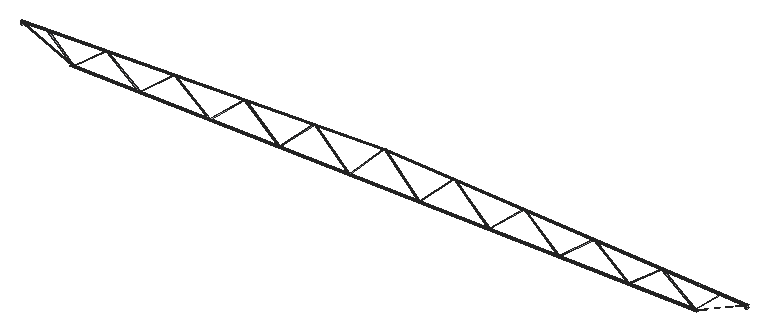
Revit family "M_Caibro de barra com duplo declive série SLH-9 Painéis", category Quadro estrutural, Revit 2019
Family settings
  Arredondamento do comprimento do framing estrutural = 1 mm
  Forma do corte = Não definido
  Material para o comportamento do modelo = Aço
  Exportar sempre como geometria = Sim
  Número OmniClass = 23.25.30.21.14.11
  Título OmniClass = Metal Joists
  ID de item do Seek = SLH-Series Double Pitch Bar Joist-9 Panel-0000-CAN-ENU
  Sempre na vertical = Sim
  Corte com vazios quando carregada = Não
  Representação simbólica = Da família
  Compartilhado = Não
  Exibir o pré-corte da família na vista da planta = Sim
Parameters (values of type "104SLH18")
  Painel variável [instance] = (Length - (Painel final * 2) - ComprimentoPainelInt) / 2  # 4993 mm
  Material estrutural = none
  Deslocamento inicial [instance] = 0 mm
  Extensão inicial [instance] = 0 mm
  Ângulo intenso = 2.00°
  LarguraPainelInt [instance] = 2 * Linear  # 5284 mm
  Deslocamento1 = Perna da corda * sin(Ângulo intenso)  # 2.216 mm
  Deslocamento [instance] = (0.5 * Length - (Deslocamento inicial - Extensão inicial)) * tan(Ângulo intenso)  # 958.575 mm
  NumPainel = 9
  M = 88
  Espessura da teia = 25 mm
  Comprimento do assento = 150 mm
  Profundidade do assento = 190 mm
  NumPainelInt [instance] = NumPainel - 2  # 7
  ComprimentoPainelInt [instance] = LarguraPainelInt * NumPainelInt  # 36988 mm
  Altura 2 [instance] = (Painel variável / 2 + LarguraPainelInt / 2) * tan(Ângulo intenso)  # 179.44 mm
  Altura 1 [instance] = LarguraPainelInt * tan(Ângulo intenso)  # 184.521 mm
  Painel final = 1.5 * Linear  # 3963 mm
  Deslocamento final [instance] = 0 mm
  Extensão final [instance] = 0 mm
  Perna da corda = 63.5 mm
  Espessura da corda = 12.5 mm
  Deslocamento da mescla [instance] = (Extensão inicial + Comprimento do assento) * tan(Ângulo intenso)  # 5.238 mm
  Assembly Code = ""
  Length [instance] = 54900 mm
  Linear = 2642 mm
Reference planes
  plane 1 "Centro (Frente/Trás)": y = 0
  plane 2: z = 0
  plane 3 "Centro (Esquerda/Direita)": x = 4.61
  plane 4 "Membro esquerdo": x = -7051.39
  plane 5 "Membro direito": x = 6760.61
  plane 6: y = 76
  plane 7: y = -76
  plane 8: z = 1321
  plane 9: z = -1321
  plane 10 "Esquerda": x = -27445.39
  plane 11 "Símbolo esquerdo de verga": x = -32257.916
  plane 12 "Símbolo direito de verga": x = 32631.428
  plane 13 "Direita": x = 27454.61
  plane 14: z = 1131
  plane 15: x = -27295.39
  plane 16: x = -23482.39
  plane 17: x = -23682.39
  plane 18: x = 27304.61
  plane 19: x = 23491.61
  plane 20: y = 12.5
  plane 21: y = -12.5
  plane 22: z = 1257.5
  plane 23: z = -1257.5
  plane 24: x = 23691.61
  plane 25: x = -25388.89
  plane 26: x = 25398.11
  plane 27: z = -1314.65
  plane 28: z = 1314.65
  plane 29: x = -27445.39
  plane 30: x = 27454.61
  plane 31: x = -27445.39
  plane 32: x = 27454.61
  plane 33: z = 362.425
  plane 34: z = 298.925
  plane 35: x = -18489.39
  plane 36: x = -7921.39
  plane 37: x = -2637.39
  plane 38: x = 2646.61
  plane 39: x = 13214.61
  plane 40: x = 18498.61
  plane 41: z = 172.425
  plane 42: z = 1136.479
  plane 43: z = 951.957
  plane 44: z = 587.996
  plane 45: z = 767.436
  plane 46: x = -13205.39
  plane 47: x = 7930.61
  plane 48: x = 32631.428
  plane 49 "Direita do símbolo": x = 32631.428
  plane 50 "Esquerda do símbolo": x = -32257.916
  plane 51: x = -32257.916
Forms (mm)
  Extrusion 1, solid, material <- "Material estrutural", detail levels medium+fine
    sketch origin (4.61, 0, 0) x (0, 1, 0) y (0, 0, 1)
      loop
        line (12.5, -1257.5) -> (12.5, -1321) -> (76, -1321) -> (76, -1308.5) -> (25, -1308.5) -> (25, -1257.5) -> (12.5, -1257.5)
      loop
        line (-12.5, -1257.5) -> (-25, -1257.5) -> (-25, -1308.5) -> (-76, -1308.5) -> (-76, -1321) -> (-12.5, -1321) -> (-12.5, -1257.5)
    from -23687 to 23687
  Sweep 2, solid, material <- "Material estrutural", detail levels fine
    path in 3D
      loop
        line (23491.61, 0, -1314.65) -> (27304.61, 0, 304.163)
    profile "Teia-Perfil : Teia-Perfil" origin (25398.11, 0, -505.244) x (-0.390791, 0, 0.92048) y (0, -1, 0)
      loop
        line (-25.4, 18.85) -> (-25.4, 6.15) -> (25.4, 6.15) -> (25.4, 18.85) -> (-25.4, 18.85)
  Sweep 3, solid, material <- "Material estrutural", detail levels fine
    path in 3D
      loop
        line (25398.11, 0, 370.739) -> (23491.61, 0, -1314.65)
    profile "Teia-Perfil : Teia-Perfil" origin (24444.86, 0, -471.955) x (0.662325, 0, -0.749217) y (0, -1, 0)
      loop
        line (-25.4, 6.35) -> (-25.4, -6.35) -> (25.4, -6.35) -> (25.4, 6.35) -> (-25.4, 6.35)
  Sweep 4, solid, material <- "Material estrutural", detail levels fine
    path in 3D
      loop
        line (-27295.39, 0, 304.163) -> (-23482.39, 0, -1314.65)
    profile "Teia-Perfil : Teia-Perfil" origin (-25388.89, 0, -505.244) x (0.390791, 0, 0.92048) y (0, -1, 0)
      loop
        line (-25.4, 6.35) -> (-25.4, -6.35) -> (25.4, -6.35) -> (25.4, 6.35) -> (-25.4, 6.35)
  Sweep 5, solid, material <- "Material estrutural", detail levels fine
    path in 3D
      loop
        line (-23482.39, 0, -1314.65) -> (-25388.89, 0, 370.739)
    profile "Teia-Perfil : Teia-Perfil" origin (-24435.64, 0, -471.955) x (-0.662325, 0, -0.749217) y (0, -1, 0)
      loop
        line (-25.4, 6.35) -> (-25.4, -6.35) -> (25.4, -6.35) -> (25.4, 6.35) -> (-25.4, 6.35)
  Blend 6, solid, material <- "Material estrutural", detail levels medium+fine
    base sketch origin (-27445.39, -4572, 184.138) x (0, 0, -1) y (0, -1, 0)
      loop
        line (-114.787, -4584.5) -> (-114.787, -4597) -> (-0.787, -4597) -> (-0.787, -4648) -> (11.713, -4648) -> (11.713, -4584.5) -> (-114.787, -4584.5)
    top sketch origin (-27445.39, -4572, 184.138) x (0, 0, -1) y (0, -1, 0)
      loop
        line (-0.787, -4597) -> (-0.787, -4648) -> (11.713, -4648) -> (11.713, -4584.5) -> (-120.025, -4584.5) -> (-120.025, -4597) -> (-0.787, -4597)
    from 0 to -150
  Blend 7, solid, material <- "Material estrutural", detail levels medium+fine
    base sketch origin (-27445.39, -4572, 184.138) x (0, 0, -1) y (0, -1, 0)
      loop
        line (-178.287, -4584.5) -> (-178.287, -4648) -> (-165.787, -4648) -> (-165.787, -4597) -> (-114.787, -4597) -> (-114.787, -4584.5) -> (-178.287, -4584.5)
    top sketch origin (-27445.39, -4572, 184.138) x (0, 0, -1) y (0, -1, 0)
      loop
        line (-1136.862, -4584.5) -> (-1136.862, -4648) -> (-1124.362, -4648) -> (-1124.362, -4597) -> (-1073.362, -4597) -> (-1073.362, -4584.5) -> (-1136.862, -4584.5)
    from 0 to -27450
  Blend 8, solid, material <- "Material estrutural", detail levels medium+fine
    base sketch origin (-27445.39, -4572, 184.138) x (0, 0, -1) y (0, -1, 0)
      loop
        line (-178.287, -4496) -> (-178.287, -4559.5) -> (-114.787, -4559.5) -> (-114.787, -4547) -> (-165.787, -4547) -> (-165.787, -4496) -> (-178.287, -4496)
    top sketch origin (-27445.39, -4572, 184.138) x (0, 0, -1) y (0, -1, 0)
      loop
        line (-1136.862, -4559.5) -> (-1073.362, -4559.5) -> (-1073.362, -4547) -> (-1124.362, -4547) -> (-1124.362, -4496) -> (-1136.862, -4496) -> (-1136.862, -4559.5)
    from 0 to -27450
  Blend 9, solid, material <- "Material estrutural", detail levels medium+fine
    base sketch origin (27454.61, -4572, 849.319) x (0, 0, 1) y (0, -1, 0)
      loop
        line (-486.894, -4496) -> (-499.394, -4496) -> (-499.394, -4547) -> (-550.394, -4547) -> (-550.394, -4559.5) -> (-486.894, -4559.5) -> (-486.894, -4496)
    top sketch origin (27454.61, -4572, 849.319) x (0, 0, 1) y (0, -1, 0)
      loop
        line (459.181, -4496) -> (459.181, -4547) -> (408.181, -4547) -> (408.181, -4559.5) -> (471.681, -4559.5) -> (471.681, -4496) -> (459.181, -4496)
    from 0 to -27450
  Blend 10, solid, material <- "Material estrutural", detail levels medium+fine
    base sketch origin (27454.61, -4572, 849.319) x (0, 0, 1) y (0, -1, 0)
      loop
        line (-486.894, -4584.5) -> (-550.394, -4584.5) -> (-550.394, -4597) -> (-499.394, -4597) -> (-499.394, -4648) -> (-486.894, -4648) -> (-486.894, -4584.5)
    top sketch origin (27454.61, -4572, 849.319) x (0, 0, 1) y (0, -1, 0)
      loop
        line (459.181, -4597) -> (459.181, -4648) -> (471.681, -4648) -> (471.681, -4584.5) -> (408.181, -4584.5) -> (408.181, -4597) -> (459.181, -4597)
    from 0 to -27450
  Blend 11, solid, material <- "Material estrutural", detail levels medium+fine
    base sketch origin (-27445.39, -4572, 184.138) x (0, 0, -1) y (0, -1, 0)
      loop
        line (-114.787, -4559.5) -> (11.713, -4559.5) -> (11.713, -4496) -> (-0.787, -4496) -> (-0.787, -4547) -> (-114.787, -4547) -> (-114.787, -4559.5)
    top sketch origin (-27445.39, -4572, 184.138) x (0, 0, -1) y (0, -1, 0)
      loop
        line (-0.787, -4547) -> (-120.025, -4547) -> (-120.025, -4559.5) -> (11.713, -4559.5) -> (11.713, -4496) -> (-0.787, -4496) -> (-0.787, -4547)
    from 0 to -150
  Blend 12, solid, material <- "Material estrutural", detail levels medium+fine
    base sketch origin (27454.61, -4572, 849.319) x (0, 0, 1) y (0, -1, 0)
      loop
        line (-664.394, -4547) -> (-664.394, -4496) -> (-676.894, -4496) -> (-676.894, -4559.5) -> (-550.394, -4559.5) -> (-550.394, -4547) -> (-664.394, -4547)
    top sketch origin (27454.61, -4572, 849.319) x (0, 0, 1) y (0, -1, 0)
      loop
        line (-545.156, -4559.5) -> (-545.156, -4547) -> (-664.394, -4547) -> (-664.394, -4496) -> (-676.894, -4496) -> (-676.894, -4559.5) -> (-545.156, -4559.5)
    from 0 to -150
  Blend 13, solid, material <- "Material estrutural", detail levels medium+fine
    base sketch origin (27454.61, -4572, 849.319) x (0, 0, 1) y (0, -1, 0)
      loop
        line (-550.394, -4584.5) -> (-676.894, -4584.5) -> (-676.894, -4648) -> (-664.394, -4648) -> (-664.394, -4597) -> (-550.394, -4597) -> (-550.394, -4584.5)
    top sketch origin (27454.61, -4572, 849.319) x (0, 0, 1) y (0, -1, 0)
      loop
        line (-545.156, -4597) -> (-545.156, -4584.5) -> (-676.894, -4584.5) -> (-676.894, -4648) -> (-664.394, -4648) -> (-664.394, -4597) -> (-545.156, -4597)
    from 0 to -150
Cuts and joins
  joined: Blend 8, Blend 9
  joined: Blend 7, Blend 10
Lines and regions (mm)
  symbolic lines, style "StructuralFraming", detail levels coarse
    curve 1: line (0, 76, 1321) -> (0, 12.5, 1321)
    curve 2: line (0, -76, -1321) -> (0, -12.5, -1321)
    curve 14: line (0, 12.5, -1321) -> (0, 76, -1321)
    curve 15: line (4.61, 12.5, -1321) -> (4.61, 12.5, -1257.5)
    curve 16: line (4.61, -12.5, -1321) -> (4.61, -12.5, -1257.5)
    curve 17: line (4.61, -12.5, 1321) -> (4.61, -12.5, 1257.5)
    curve 18: line (4.61, 12.5, 1321) -> (4.61, 12.5, 1257.5)
    curve 19: line (0, -12.5, 1321) -> (0, -76, 1321)
  symbolic lines, style "StructuralFraming", detail levels coarse+medium
    curve 3: line (0, 0, -1321) -> (0, 0, 1321)
  reference lines
    curve 4: line (-32107.916, 0, -1444.508) -> (-32107.916, 0, 1400.692)
    curve 5: line (-28144.916, 0, -1450.858) -> (-28144.916, 0, 1400.692)
    curve 6: line (32481.428, 0, -1391.588) -> (32481.428, 0, 1402.812)
    curve 7: line (28518.428, 0, -1518.588) -> (28518.428, 0, 1402.812)
    curve 30: line (4.61, 0, 1321) -> (-55.353, 0, 1323.094)
    curve 31: line (4.61, 0, 1321) -> (52.104, 0, 1322.659)
  model lines, style "Caibro da teia", detail levels coarse
    curve 8: line (28518.428, 0, -1321) -> (-28144.916, 0, -1321)
    curve 9: line (32631.428, 0, 181.646) -> (4.61, 0, 1321)
    curve 24: line (-28144.916, 0, -1321) -> (-32107.916, 0, 199.606)
    curve 25: line (28518.428, 0, -1321) -> (32481.428, 0, 186.885)
    curve 32: line (4.61, 0, 1321) -> (-32257.916, 0, 194.368)
  model lines, style "StructuralFraming", detail levels medium
    curve 10: line (-23482.39, 0, -1314.65) -> (-25388.89, 0, 370.739)
    curve 11: line (-27295.39, 0, 304.163) -> (-23482.39, 0, -1314.65)
    curve 12: line (25398.11, 0, 370.739) -> (23491.61, 0, -1314.65)
    curve 13: line (23491.61, 0, -1314.65) -> (27304.61, 0, 304.163)
  sketch lines
    curve 20: line (23491.61, 0, -1314.65) -> (27304.61, 0, 304.163)
    curve 21: line (25398.11, 0, 370.739) -> (23491.61, 0, -1314.65)
    curve 22: line (-27295.39, 0, 304.163) -> (-23482.39, 0, -1314.65)
    curve 23: line (-23482.39, 0, -1314.65) -> (-25388.89, 0, 370.739)
  symbolic lines, detail levels fine
    curve 26: line (4.61, 12.5, -1314.65) -> (4.61, -12.5, -1314.65)
    curve 27: line (4.61, 12.5, -1257.5) -> (4.61, 12.5, 1257.5)
    curve 28: line (4.61, 12.5, 1314.65) -> (4.61, -12.5, 1314.65)
    curve 29: line (4.61, -12.5, -1257.5) -> (4.61, -12.5, 1257.5)
Dimensions and locks
  equal spacing: plane 9, plane 2, plane 8
  "Length": plane 10 "Esquerda" to plane 13 "Direita"
  equal spacing: plane 10 "Esquerda", plane 3 "Centro (Esquerda/Direita)", plane 13 "Direita"
  "Painel final": curve 5 to curve 4
  "Painel final": curve 6 to curve 7
  "Linear": plane 9 to plane 8
  "Profundidade do assento": plane 8 to plane 14
  locked: plane 17 to plane 16 at 200
  "Painel final": plane 13 "Direita" to plane 19
  "Espessura da teia": plane 20 to plane 21
  equal spacing: plane 20, plane 1 "Centro (Frente/Trás)", plane 21
  "Perna da corda": plane 21 to plane 7
  "Perna da corda": plane 6 to plane 20
  "Perna da corda": plane 9 to plane 23
  "Perna da corda": plane 22 to plane 8
  "Espessura da corda": plane 9 to Extrusion 1 sketch curve  (x2)
  "Espessura da corda": Extrusion 1 sketch curve to plane 20
  "Espessura da corda": plane 21 to Extrusion 1 sketch curve
  locked: plane 19 to plane 24 at 200
  locked: plane 27 to plane 9 at 6.35
  locked: plane 8 to plane 28 at 6.35
  equal spacing: plane 16, plane 25, plane 15
  equal spacing: plane 18, plane 26, plane 19
  "Extensão inicial": plane 29 to plane 31
  "Comprimento do assento": plane 31 to plane 15
  "Deslocamento inicial": plane 10 "Esquerda" to plane 31
  "Deslocamento final": plane 32 to plane 13 "Direita"
  "Comprimento do assento": plane 18 to plane 32
  "Extensão final": plane 30 to plane 32
  "Deslocamento": plane 8 to plane 33
  "Perna da corda": plane 33 to plane 34
  locked: level to plane 2 at 0
  "Painel final": plane 10 "Esquerda" to plane 16
  "Espessura da corda": Blend 7 sketch curve to Blend 7 sketch curve  (x4)
  "Espessura da corda": Blend 8 sketch curve to Blend 8 sketch curve  (x4)
  "Profundidade do assento": plane 33 to plane 41
  "Espessura da corda": Blend 6 sketch curve to Blend 6 sketch curve  (x4)
  "Deslocamento da mescla": Blend 6 sketch curve to plane 34
  "Espessura da corda": Blend 11 sketch curve to Blend 11 sketch curve  (x2)
  "Deslocamento da mescla": plane 34 to Blend 11 sketch curve
  nested 1 to plane 35 = 4993 mm
  "Painel variável": plane 16 to plane 35
  "Painel variável": plane 19 to plane 40
  equal spacing: plane 8, plane 42, plane 43, plane 45
  "Altura 2": plane 45 to plane 44
  "Altura 1": plane 8 to plane 42
  equal spacing: plane 40, plane 39, plane 47, plane 38, plane 37, plane 36, plane 46, plane 35
  "Comprimento do assento": plane 48 to curve 6
  "Extensão inicial": plane 49 "Direita do símbolo" to plane 48
  "Deslocamento inicial": plane 12 "Símbolo direito de verga" to plane 48
  "Comprimento do assento": curve 4 to plane 51
  "Extensão inicial": plane 51 to plane 50 "Esquerda do símbolo"
  "Deslocamento inicial": plane 51 to plane 11 "Símbolo esquerdo de verga"
  "Ângulo intenso": angle curve 30 to plane 8
  "Ângulo intenso": angle plane 8 to curve 31
  aligned and locked: curve 8 to plane 9
  aligned and locked: curve 5 to curve 8
  aligned and locked: plane 9 to Extrusion 1 sketch curve
  aligned and locked: Extrusion 1 sketch curve to plane 9
  aligned and locked: Extrusion 1 sketch curve to plane 6
  aligned and locked: Extrusion 1 sketch curve to plane 7
  aligned and locked: plane 20 to Extrusion 1 sketch curve
  aligned and locked: plane 21 to Extrusion 1 sketch curve
  aligned and locked: Extrusion 1 sketch curve to plane 23
  aligned and locked: plane 23 to Extrusion 1 sketch curve
  aligned and locked: Extrusion 1 to plane 24
  aligned and locked: plane 17 to Extrusion 1
  aligned and locked: Extrusion 1 to curve 15
  aligned and locked: curve 15 to Extrusion 1
  aligned and locked: curve 2 to curve 16
  aligned and locked: curve 16 to Extrusion 1
  aligned and locked: plane 8 to curve 30
  aligned and locked: plane 3 "Centro (Esquerda/Direita)" to curve 31
  aligned and locked: plane 15 to Blend 6
  aligned and locked: plane 29 to Blend 6
  aligned and locked: plane 33 to Blend 7 sketch curve
  aligned and locked: plane 20 to Blend 7 sketch curve  (x2)
  aligned and locked: Blend 7 sketch curve to plane 34
  aligned and locked: plane 6 to Blend 7 sketch curve
  aligned and locked: plane 22 to Blend 7 sketch curve
  aligned and locked: Blend 7 sketch curve to plane 6
  aligned and locked: Blend 7 sketch curve to plane 8
  aligned and locked: plane 3 "Centro (Esquerda/Direita)" to Blend 7
  aligned and locked: plane 29 to Blend 7
  aligned and locked: Blend 8 sketch curve to plane 7  (x2)
  aligned and locked: plane 33 to Blend 8 sketch curve
  aligned and locked: Blend 8 sketch curve to plane 21
  aligned and locked: Blend 8 sketch curve to plane 34
  aligned and locked: plane 8 to Blend 8 sketch curve
  aligned and locked: plane 21 to Blend 8 sketch curve
  aligned and locked: Blend 8 sketch curve to plane 22
  aligned and locked: plane 3 "Centro (Esquerda/Direita)" to Blend 8
  aligned and locked: plane 29 to Blend 8
  aligned and locked: Blend 9 sketch curve to Blend 8  (x11)
  aligned and locked: Blend 8 to Blend 9 sketch curve
  aligned and locked: Blend 9 to plane 3 "Centro (Esquerda/Direita)"
  aligned and locked: plane 30 to Blend 9
  aligned and locked: Blend 10 sketch curve to Blend 7  (x10)
  aligned and locked: Blend 7 to Blend 10 sketch curve  (x2)
  aligned and locked: Blend 10 to plane 3 "Centro (Esquerda/Direita)"
  aligned and locked: plane 30 to cut or joined group of Blend 8, Blend 9
  aligned and locked: plane 30 to Blend 10
  aligned and locked: plane 34 to Blend 6 sketch curve
  aligned and locked: plane 6 to Blend 6 sketch curve  (x2)
  aligned and locked: Blend 6 sketch curve to plane 41  (x2)
  aligned and locked: Blend 6 sketch curve to plane 20  (x2)
  aligned and locked: plane 7 to Blend 11 sketch curve
  aligned and locked: plane 41 to Blend 11 sketch curve
  aligned and locked: Blend 11 sketch curve to plane 21
  aligned and locked: Blend 11 sketch curve to plane 34
  aligned and locked: Blend 11 sketch curve to var sketch  (x5)
  aligned and locked: plane 15 to Blend 11
  aligned and locked: plane 29 to Blend 11
  aligned and locked: Blend 11 to plane 29
  aligned and locked: Blend 11 to plane 15
  aligned and locked: Blend 12 sketch curve to Blend 11  (x10)
  aligned and locked: Blend 11 to Blend 12 sketch curve
  aligned and locked: plane 34 to Blend 12 sketch curve
  aligned and locked: Blend 13 sketch curve to Blend 6  (x12)
  aligned and locked: Blend 12 to plane 18
  aligned and locked: Blend 13 to plane 18
  aligned and locked: plane 30 to Blend 12
  aligned and locked: plane 30 to Blend 13
  aligned and locked: plane 1 "Centro (Frente/Trás)" to nested 1
  aligned and locked: nested 2 to plane 1 "Centro (Frente/Trás)"
  aligned and locked: plane 1 "Centro (Frente/Trás)" to nested 3
  aligned and locked: plane 37 to nested 3
  aligned and locked: nested 3 to plane 8
  aligned and locked: nested 1 to plane 16
  aligned and locked: plane 15 to curve 11
  aligned and locked: cut or joined group of Blend 8, Blend 9 to curve 11
  aligned and locked: plane 25 to curve 10
  aligned and locked: cut or joined group of Blend 8, Blend 9 to curve 10
  aligned and locked: plane 16 to curve 10
  aligned and locked: plane 27 to curve 10
  aligned and locked: plane 26 to curve 12
  aligned and locked: cut or joined group of Blend 8, Blend 9 to curve 12
  aligned and locked: plane 19 to curve 12
  aligned and locked: plane 18 to curve 13
  aligned and locked: cut or joined group of Blend 8, Blend 9 to curve 13
  aligned and locked: curve 13 to plane 27
  aligned and locked: curve 9 to curve 30
  aligned and locked: curve 32 to curve 31
  aligned and locked: plane 9 to curve 24
  aligned and locked: curve 7 to curve 25
  aligned and locked: plane 40 to nested 2
  aligned and locked: plane 9 to nested 1
  aligned and locked: plane 9 to nested 2
  aligned and locked: curve 4 to curve 24
  aligned and locked: curve 6 to curve 25
  aligned and locked: nested 2 to plane 19
  aligned and locked: plane 1 "Centro (Frente/Trás)" to nested 4
  aligned and locked: plane 1 "Centro (Frente/Trás)" to nested 9
  aligned and locked: plane 1 "Centro (Frente/Trás)" to nested 5
  aligned and locked: nested 6 to plane 1 "Centro (Frente/Trás)"
  aligned and locked: nested 7 to plane 1 "Centro (Frente/Trás)"
  aligned and locked: nested 8 to plane 1 "Centro (Frente/Trás)"
  aligned and locked: plane 44 to nested 1
  aligned and locked: plane 35 to nested 4
  aligned and locked: plane 9 to nested 4
  aligned and locked: nested 4 to plane 45
  aligned and locked: plane 46 to nested 9
  aligned and locked: plane 9 to nested 9
  aligned and locked: nested 9 to plane 43
  aligned and locked: plane 36 to nested 5
  aligned and locked: plane 9 to nested 5
  aligned and locked: nested 5 to plane 42
  aligned and locked: plane 38 to nested 6
  aligned and locked: plane 9 to nested 6
  aligned and locked: nested 6 to plane 42
  aligned and locked: plane 47 to nested 7
  aligned and locked: plane 39 to nested 8
  aligned and locked: plane 9 to nested 7
  aligned and locked: plane 9 to nested 8
  aligned and locked: nested 2 to plane 44
  aligned and locked: nested 8 to plane 45
  aligned and locked: nested 7 to plane 43
  aligned and locked: plane 49 "Direita do símbolo" to curve 9
  aligned and locked: plane 50 "Esquerda do símbolo" to curve 32
Automatic sketch dimensions
  curve 2 to plane 7 = 0 mm
  curve 2 to plane 9 = 0 mm
  curve 2 to plane 21 = 0 mm
  curve 3 to plane 1 "Centro (Frente/Trás)" = 0 mm
  curve 3 to plane 9 = 0 mm
  curve 26 to plane 27 = 0 mm
  curve 29 to plane 23 = 0 mm
  curve 15 to plane 23 = 0 mm
  curve 17 to plane 22 = 0 mm
  curve 27 to plane 22 = 0 mm
  curve 28 to plane 28 = 0 mm
  curve 3 to plane 8 = 0 mm
  curve 18 to plane 8 = 0 mm
  curve 17 to plane 8 = 0 mm
  plane 9 to curve 6 = 70.588 mm
  plane 9 to curve 4 = 123.508 mm
  plane 9 to curve 5 = 129.858 mm
  plane 9 to curve 7 = 197.588 mm
  curve 5 to plane 8 = 79.692 mm
  curve 4 to plane 8 = 79.692 mm
  curve 7 to plane 8 = 81.812 mm
  curve 6 to plane 8 = 81.812 mm
  curve 14 to plane 6 = 0 mm
  curve 1 to plane 6 = 0 mm
  curve 14 to plane 9 = 0 mm
  curve 14 to plane 20 = 0 mm
  curve 1 to plane 8 = 0 mm
  curve 1 to plane 20 = 0 mm
  curve 19 to plane 8 = 0 mm
  curve 19 to plane 21 = 0 mm
  curve 19 to plane 7 = 0 mm
Nested families
  nested 1: "Teia angular-Variável" at (-23482.39, 0, -366.502), LarguraPainel <- "Painel variável", type "Teia angular-Variável"
    with LarguraPainel 4993 mm, AlturaPainel 1908.996 mm
  nested 2: "Teia angular-Variável" at (23491.61, 0, -366.502) x (-1, 0, 0) z (0, 0, 1), LarguraPainel <- "Painel variável", type "Teia angular-Variável"
    with LarguraPainel 4993 mm, AlturaPainel 1908.996 mm
  nested 3: "Teia angular-Centro" at (-2637.39, 0, 0.386), AlturaPainel <- "Linear", type "Teia angular-Centro"
    with AlturaPainel 2642 mm
  nested 4: "Teia angular" at (-18489.39, 0, -276.782), type "Teia angular"
    with AlturaPainel 2088.436 mm
  nested 5: "Teia angular" at (-7921.39, 0, -92.261), type "Teia angular"
    with AlturaPainel 2457.479 mm
  nested 6: "Teia angular" at (7930.61, 0, -92.261) x (-1, 0, 0) z (0, 0, 1), type "Teia angular"
    with AlturaPainel 2457.479 mm
  nested 7: "Teia angular" at (13214.61, 0, -184.521) x (-1, 0, 0) z (0, 0, 1), type "Teia angular"
    with AlturaPainel 2272.957 mm
  nested 8: "Teia angular" at (18498.61, 0, -276.782) x (-1, 0, 0) z (0, 0, 1), type "Teia angular"
    with AlturaPainel 2088.436 mm
  nested 9: "Teia angular" at (-13205.39, 0, -184.521), type "Teia angular"
    with AlturaPainel 2272.957 mm
Definition of nested family "Teia angular-Variável"
  Parameters
    MaterialTeia = none
    Espessura da teia = Espessura / 2  # 12.5 mm
    Deslocamento da teia = Perna da teia / 2  # 25.4 mm
    Perna da teia = 50.8 mm
    Deslocamento da espessura = Espessura / cos(Ângulo intenso)  # 25.015 mm
    Espessura = 25 mm
    Ângulo intenso = 2.00°
    AlturaPainel [instance] = 1320.998 mm
    LarguraPainel [instance] = 1948.557 mm
    Distância = Deslocamento da teia * cos(Ângulo intenso)  # 25.385 mm
    Assembly Code = ""
  Reference planes
    plane 1 "Centro (Frente/Trás)": y = 0
    plane 2: z = 0
    plane 3 "Centro (Esquerda/Direita)": x = 0
    plane 4: x = 1948.557
    plane 5: x = 974.279
    plane 6: z = -660.499
    plane 7: z = -635.099
    plane 8: z = 635.484
    plane 9: z = 660.499
    plane 10: y = -12.5
    plane 11: y = 12.5
    plane 12: z = 596.999
    plane 13: z = -596.999
  Forms (mm)
    Sweep 1, solid, material <- "MaterialTeia", detail levels fine
      path in 3D
        loop
          line (-0.001, 0, -635.099) -> (25.4, 0, -635.099) -> (948.894, 0, 634.598) -> (999.663, 0, 636.37)
      profile origin (12.7, 0, -635.099) x (0, 0, 1) y (0, -1, 0)
        loop
          line (25.4, 0) -> (25.4, 12.5) -> (-25.4, 12.5) -> (-25.4, 0) -> (25.4, 0)
    Sweep 2, solid, material <- "MaterialTeia", detail levels fine
      path in 3D
        loop
          line (1948.556, 0, -635.099) -> (1923.157, 0, -635.099) -> (999.663, 0, 636.37) -> (948.894, 0, 634.598)
      profile origin (1935.857, 0, -635.099) x (0, 0, -1) y (0, -1, 0)
        loop
          line (-25.4, -12.5) -> (25.4, -12.5) -> (25.4, 0) -> (-25.4, 0) -> (-25.4, -12.5)
    Sweep 3, solid, material <- "MaterialTeia", detail levels fine
      path in 3D
        loop
          line (91.156, -12.5, -587.875) -> (951.589, -12.5, 595.12)
      profile origin (521.372, -12.5, 3.623) x (-0.808712, 0, 0.588204) y (0, -1, 0)
        loop
          line (0, 0) -> (12.5, 0) -> (12.5, 38.3) -> (0, 38.3) -> (0, 0)
    Sweep 4, solid, material <- "MaterialTeia", detail levels fine
      path in 3D
        loop
          line (1857.439, 12.5, -587.84) -> (997.605, 12.5, 595.983)
      profile origin (1427.522, 12.5, 4.071) x (0.809103, 0, 0.587667) y (0, 1, 0)
        loop
          line (0, 0) -> (12.5, 0) -> (12.5, 38.3) -> (0, 38.3) -> (0, 0)
  Cuts and joins
    joined: Sweep 1, Sweep 3
    joined: Sweep 2, Sweep 4
  Lines and regions (mm)
    model lines, detail levels medium+fine
      curve 1: line (-0.001, 0, -660.499) -> (-0.001, 0, 626.477)
      curve 2: line (1948.556, 0, 694.522) -> (1948.556, 0, -660.499)
      curve 3: line (1948.556, 0, -660.499) -> (-0.001, 0, -660.499)
      curve 18: line (974.279, 0, 660.499) -> (-0.001, 0, 626.477)
      curve 19: line (974.279, 0, 660.499) -> (1948.556, 0, 694.522)
    model lines, detail levels medium
      curve 4: line (948.894, 0, 634.598) -> (999.663, 0, 636.37)
      curve 5: line (-0.001, 0, -635.099) -> (25.4, 0, -635.099)
      curve 6: line (1948.556, 0, -635.099) -> (1923.157, 0, -635.099)
      curve 7: line (25.4, 0, -635.099) -> (948.894, 0, 634.598)
      curve 8: line (999.663, 0, 636.37) -> (1923.157, 0, -635.099)
    sketch lines
      curve 9: line (-0.001, 0, -635.099) -> (25.4, 0, -635.099)
      curve 10: line (25.4, 0, -635.099) -> (948.894, 0, 634.598)
      curve 11: line (948.894, 0, 634.598) -> (999.663, 0, 636.37)
      curve 12: line (1948.556, 0, -635.099) -> (1923.157, 0, -635.099)
      curve 13: line (999.663, 0, 636.37) -> (1923.157, 0, -635.099)
      curve 14: line (948.894, 0, 634.598) -> (999.663, 0, 636.37)
      curve 15: line (91.156, -12.5, -587.875) -> (951.589, -12.5, 595.12)
      curve 16: line (1857.439, 12.5, -587.84) -> (997.605, 12.5, 595.983)
    reference lines
      curve 17: line (974.279, 0, 635.484) -> (1107.547, 0, 640.138)
  Dimensions and locks
    "LarguraPainel": plane 4 to plane 3 "Centro (Esquerda/Direita)"
    equal spacing: plane 4, plane 5, plane 3 "Centro (Esquerda/Direita)"
    plane 7 to plane 6 = 25.4 mm
    "Deslocamento da espessura": plane 9 to plane 8
    "AlturaPainel": plane 9 to plane 6
    equal spacing: plane 9, plane 2, plane 6
    "Espessura": plane 11 to plane 10
    equal spacing: plane 11, plane 1 "Centro (Frente/Trás)", plane 10
    locked: plane 9 to plane 12 at 63.5
    plane 13 to plane 6 = 63.5 mm
    "Deslocamento da teia": plane 7 to plane 6
    "Deslocamento da teia": curve 5 to plane 3 "Centro (Esquerda/Direita)"
    "Deslocamento da teia": curve 6 to plane 4
    "Distância": plane 5 to curve 4
    "Distância": curve 4 to plane 5
    "Perna da teia": Sweep 1 sketch curve to Sweep 1 sketch curve
    equal spacing: Sweep 1 sketch curve, plane 7, Sweep 1 sketch curve
    equal spacing: Sweep 2 sketch curve, profile plane, Sweep 2 sketch curve
    "Perna da teia": Sweep 2 sketch curve to Sweep 2 sketch curve
    "Perna da teia": plane 1 "Centro (Frente/Trás)" to Sweep 3 sketch curve
    "Espessura da teia": Sweep 3 sketch curve to Sweep 3 sketch curve
    "Perna da teia": plane 1 "Centro (Frente/Trás)" to Sweep 4 sketch curve
    "Espessura da teia": Sweep 4 sketch curve to Sweep 4 sketch curve
    "Ângulo intenso": angle plane 8 to curve 17
    "Ângulo intenso": angle plane 9 to curve 18
    "Ângulo intenso": angle plane 9 to curve 19
    aligned and locked: curve 6 to plane 7
    aligned and locked: plane 7 to curve 5
    aligned and locked: plane 10 to Sweep 1 sketch curve
    aligned and locked: Sweep 1 sketch curve to plane 1 "Centro (Frente/Trás)"
    aligned and locked: Sweep 2 sketch curve to plane 11
    aligned and locked: profile plane to Sweep 2 sketch curve
    aligned and locked: Sweep 1 to curve 15
    aligned and locked: Sweep 3 sketch curve to profile plane
    aligned and locked: plane 10 to Sweep 3 sketch curve
    aligned and locked: plane 11 to Sweep 4 sketch curve
    aligned and locked: profile plane to Sweep 4 sketch curve
    aligned and locked: curve 17 to plane 5
    aligned and locked: plane 8 to curve 17
    aligned and locked: curve 4 to curve 17
    aligned and locked: plane 9 to curve 18
    aligned and locked: curve 19 to plane 5
  Automatic sketch dimensions
    curve 2 to plane 6 = 0 mm
    plane 4 to curve 2 = 0.001 mm
    curve 5 to plane 3 "Centro (Esquerda/Direita)" = 0.001 mm
Definition of nested family "Teia angular-Centro"
  Parameters
    MaterialTeia = none
    Espessura da teia = Espessura / 2  # 12.5 mm
    Deslocamento da teia = Perna da teia / 2  # 25.4 mm
    Perna da teia = 50.8 mm
    Deslocamento da espessura = Espessura / cos(Ângulo intenso)  # 25.015 mm
    Espessura = 25 mm
    Ângulo intenso = 2.00°
    AlturaPainel [instance] = 1320.998 mm
    LarguraPainel = 5284 mm
    Distância = Deslocamento da teia * cos(Ângulo intenso)  # 25.385 mm
    Assembly Code = ""
  Reference planes
    plane 1 "Centro (Frente/Trás)": y = 0
    plane 2: z = -0.386
    plane 3 "Centro (Esquerda/Direita)": x = 0
    plane 4: x = 5284
    plane 5: x = 2642
    plane 6: z = -660.885
    plane 7: z = -635.485
    plane 8: z = 635.114
    plane 9: z = 660.114
    plane 10: y = -12.5
    plane 11: y = 12.5
    plane 12: z = 596.614
    plane 13: z = -596.999
  Forms (mm)
    Sweep 1, solid, material <- "MaterialTeia", detail levels fine
      path in 3D
        loop
          line (-0.001, 0, -635.485) -> (25.4, 0, -635.485) -> (2616.6, 0, 635.114) -> (2667.4, 0, 635.114)
      profile origin (12.7, 0, -635.485) x (0, 0, 1) y (0, -1, 0)
        loop
          line (25.4, 0) -> (25.4, 12.5) -> (-25.4, 12.5) -> (-25.4, 0) -> (25.4, 0)
    Sweep 2, solid, material <- "MaterialTeia", detail levels fine
      path in 3D
        loop
          line (5283.999, 0, -635.485) -> (5258.6, 0, -635.485) -> (2667.4, 0, 635.114) -> (2616.6, 0, 635.114)
      profile origin (5271.3, 0, -635.485) x (0, 0, -1) y (0, -1, 0)
        loop
          line (-25.4, -12.5) -> (25.4, -12.5) -> (25.4, 0) -> (-25.4, 0) -> (-25.4, -12.5)
    Sweep 3, solid, material <- "MaterialTeia", detail levels fine
      path in 3D
        loop
          line (111.923, -12.5, -621.348) -> (2606.366, -12.5, 601.806)
      profile origin (1359.145, -12.5, -9.771) x (-0.44027, 0, 0.897866) y (0, -1, 0)
        loop
          line (0, 0) -> (12.5, 0) -> (12.5, 38.3) -> (0, 38.3) -> (0, 0)
    Sweep 4, solid, material <- "MaterialTeia", detail levels fine
      path in 3D
        loop
          line (5172.077, 12.5, -621.348) -> (2677.634, 12.5, 601.806)
      profile origin (3924.855, 12.5, -9.771) x (0.44027, 0, 0.897866) y (0, 1, 0)
        loop
          line (0, 0) -> (12.5, 0) -> (12.5, 38.3) -> (0, 38.3) -> (0, 0)
  Cuts and joins
    joined: Sweep 1, Sweep 3
    joined: Sweep 2, Sweep 4
  Lines and regions (mm)
    model lines, detail levels medium+fine
      curve 1: line (-0.001, 0, -660.885) -> (-0.001, 0, 567.853)
      curve 2: line (5283.999, 0, 567.853) -> (5283.999, 0, -660.885)
      curve 3: line (5283.999, 0, -660.885) -> (-0.001, 0, -660.885)
      curve 17: line (2642, 0, 660.114) -> (-0.001, 0, 567.853)
      curve 18: line (2642, 0, 660.114) -> (5283.999, 0, 567.853)
    model lines, detail levels medium
      curve 4: line (2616.6, 0, 635.114) -> (2667.4, 0, 635.114)
      curve 5: line (-0.001, 0, -635.485) -> (25.4, 0, -635.485)
      curve 6: line (5283.999, 0, -635.485) -> (5258.6, 0, -635.485)
      curve 7: line (25.4, 0, -635.485) -> (2616.6, 0, 635.114)
      curve 8: line (2667.4, 0, 635.114) -> (5258.6, 0, -635.485)
    sketch lines
      curve 9: line (-0.001, 0, -635.485) -> (25.4, 0, -635.485)
      curve 10: line (25.4, 0, -635.485) -> (2616.6, 0, 635.114)
      curve 11: line (2616.6, 0, 635.114) -> (2667.4, 0, 635.114)
      curve 12: line (5283.999, 0, -635.485) -> (5258.6, 0, -635.485)
      curve 13: line (2667.4, 0, 635.114) -> (5258.6, 0, -635.485)
      curve 14: line (2616.6, 0, 635.114) -> (2667.4, 0, 635.114)
      curve 15: line (111.923, -12.5, -621.348) -> (2606.366, -12.5, 601.806)
      curve 16: line (5172.077, 12.5, -621.348) -> (2677.634, 12.5, 601.806)
  Dimensions and locks
    "LarguraPainel": plane 4 to plane 3 "Centro (Esquerda/Direita)"
    equal spacing: plane 4, plane 5, plane 3 "Centro (Esquerda/Direita)"
    plane 7 to plane 6 = 25.4 mm
    "Espessura": plane 9 to plane 8
    "AlturaPainel": plane 9 to plane 6
    equal spacing: plane 9, plane 2, plane 6
    "Espessura": plane 11 to plane 10
    equal spacing: plane 11, plane 1 "Centro (Frente/Trás)", plane 10
    locked: plane 9 to plane 12 at 63.5
    plane 13 to plane 6 = 63.886 mm
    "Deslocamento da teia": plane 7 to plane 6
    "Deslocamento da teia": curve 5 to plane 3 "Centro (Esquerda/Direita)"
    "Deslocamento da teia": curve 6 to plane 4
    "Perna da teia": Sweep 1 sketch curve to Sweep 1 sketch curve
    equal spacing: Sweep 1 sketch curve, plane 7, Sweep 1 sketch curve
    equal spacing: Sweep 2 sketch curve, profile plane, Sweep 2 sketch curve
    "Perna da teia": Sweep 2 sketch curve to Sweep 2 sketch curve
    "Perna da teia": plane 1 "Centro (Frente/Trás)" to Sweep 3 sketch curve
    "Espessura da teia": Sweep 3 sketch curve to Sweep 3 sketch curve
    "Perna da teia": plane 1 "Centro (Frente/Trás)" to Sweep 4 sketch curve
    "Espessura da teia": Sweep 4 sketch curve to Sweep 4 sketch curve
    equal spacing: curve 4, plane 5, curve 4
    "Deslocamento da teia": curve 4 to plane 5
    "Ângulo intenso": angle plane 9 to curve 17
    "Ângulo intenso": angle curve 18 to plane 9
    aligned and locked: curve 6 to plane 7
    aligned and locked: plane 7 to curve 5
    aligned and locked: plane 10 to Sweep 1 sketch curve
    aligned and locked: Sweep 1 sketch curve to plane 1 "Centro (Frente/Trás)"
    aligned and locked: Sweep 2 sketch curve to plane 11
    aligned and locked: profile plane to Sweep 2 sketch curve
    aligned and locked: Sweep 1 to curve 15
    aligned and locked: Sweep 3 sketch curve to profile plane
    aligned and locked: plane 10 to Sweep 3 sketch curve
    aligned and locked: plane 11 to Sweep 4 sketch curve
    aligned and locked: profile plane to Sweep 4 sketch curve
    aligned and locked: curve 17 to plane 9
    aligned and locked: curve 18 to plane 5
  Automatic sketch dimensions
    curve 3 to plane 6 = 0 mm
    curve 1 to plane 3 "Centro (Esquerda/Direita)" = 0.001 mm
    plane 4 to curve 3 = 0.001 mm
    plane 8 to curve 7 = 0 mm
Definition of nested family "Teia angular"
  Parameters
    MaterialTeia = none
    Espessura da teia = Espessura / 2  # 12.5 mm
    Deslocamento da teia = Perna da teia / 2  # 25.4 mm
    Perna da teia = 50.8 mm
    Deslocamento da espessura = Espessura / cos(Ângulo intenso)  # 25.015 mm
    Espessura = 25 mm
    Ângulo intenso = 2.00°
    AlturaPainel [instance] = 1320.998 mm
    LarguraPainel = 5284 mm
    Distância = Deslocamento da teia * cos(Ângulo intenso)  # 25.385 mm
    Assembly Code = ""
  Reference planes
    plane 1 "Centro (Frente/Trás)": y = 0
    plane 2: z = 0
    plane 3 "Centro (Esquerda/Direita)": x = 0
    plane 4: x = 5284
    plane 5: x = 2642
    plane 6: z = -660.499
    plane 7: z = -635.099
    plane 8: z = 635.484
    plane 9: z = 660.499
    plane 10: y = -12.5
    plane 11: y = 12.5
    plane 12: z = 596.999
    plane 13: z = -596.999
  Forms (mm)
    Sweep 1, solid, material <- "MaterialTeia", detail levels fine
      path in 3D
        loop
          line (-0.001, 0, -635.099) -> (25.4, 0, -635.099) -> (2616.615, 0, 634.598) -> (2667.385, 0, 636.37)
      profile origin (12.7, 0, -635.099) x (0, 0, 1) y (0, -1, 0)
        loop
          line (25.4, 0) -> (25.4, 12.5) -> (-25.4, 12.5) -> (-25.4, 0) -> (25.4, 0)
    Sweep 2, solid, material <- "MaterialTeia", detail levels fine
      path in 3D
        loop
          line (5283.999, 0, -635.099) -> (5258.6, 0, -635.099) -> (2667.385, 0, 636.37) -> (2616.615, 0, 634.598)
      profile origin (5271.3, 0, -635.099) x (0, 0, -1) y (0, -1, 0)
        loop
          line (-25.4, -12.5) -> (25.4, -12.5) -> (25.4, 0) -> (-25.4, 0) -> (-25.4, -12.5)
    Sweep 3, solid, material <- "MaterialTeia", detail levels fine
      path in 3D
        loop
          line (111.93, -12.5, -620.985) -> (2606.793, -12.5, 601.499)
      profile origin (1359.362, -12.5, -9.743) x (-0.440016, 0, 0.89799) y (0, -1, 0)
        loop
          line (0, 0) -> (12.5, 0) -> (12.5, 38.3) -> (0, 38.3) -> (0, 0)
    Sweep 4, solid, material <- "MaterialTeia", detail levels fine
      path in 3D
        loop
          line (5172.084, 12.5, -620.94) -> (2678.034, 12.5, 602.852)
      profile origin (3925.059, 12.5, -9.044) x (0.440511, 0, 0.897747) y (0, 1, 0)
        loop
          line (0, 0) -> (12.5, 0) -> (12.5, 38.3) -> (0, 38.3) -> (0, 0)
  Cuts and joins
    joined: Sweep 1, Sweep 3
    joined: Sweep 2, Sweep 4
  Lines and regions (mm)
    model lines, detail levels medium+fine
      curve 1: line (-0.001, 0, -660.499) -> (-0.001, 0, 568.239)
      curve 2: line (5283.999, 0, 752.76) -> (5283.999, 0, -660.499)
      curve 3: line (5283.999, 0, -660.499) -> (-0.001, 0, -660.499)
      curve 18: line (2642, 0, 660.499) -> (-0.001, 0, 568.239)
      curve 19: line (2642, 0, 660.499) -> (5283.999, 0, 752.76)
    model lines, detail levels medium
      curve 4: line (2616.615, 0, 634.598) -> (2667.385, 0, 636.37)
      curve 5: line (-0.001, 0, -635.099) -> (25.4, 0, -635.099)
      curve 6: line (5283.999, 0, -635.099) -> (5258.6, 0, -635.099)
      curve 7: line (25.4, 0, -635.099) -> (2616.615, 0, 634.598)
      curve 8: line (2667.385, 0, 636.37) -> (5258.6, 0, -635.099)
    sketch lines
      curve 9: line (-0.001, 0, -635.099) -> (25.4, 0, -635.099)
      curve 10: line (25.4, 0, -635.099) -> (2616.615, 0, 634.598)
      curve 11: line (2616.615, 0, 634.598) -> (2667.385, 0, 636.37)
      curve 12: line (5283.999, 0, -635.099) -> (5258.6, 0, -635.099)
      curve 13: line (2667.385, 0, 636.37) -> (5258.6, 0, -635.099)
      curve 14: line (2616.615, 0, 634.598) -> (2667.385, 0, 636.37)
      curve 15: line (111.93, -12.5, -620.985) -> (2606.793, -12.5, 601.499)
      curve 16: line (5172.084, 12.5, -620.94) -> (2678.034, 12.5, 602.852)
    reference lines
      curve 17: line (2642, 0, 635.484) -> (2775.269, 0, 640.138)
  Dimensions and locks
    "LarguraPainel": plane 4 to plane 3 "Centro (Esquerda/Direita)"
    equal spacing: plane 4, plane 5, plane 3 "Centro (Esquerda/Direita)"
    plane 7 to plane 6 = 25.4 mm
    "Deslocamento da espessura": plane 9 to plane 8
    "AlturaPainel": plane 9 to plane 6
    equal spacing: plane 9, plane 2, plane 6
    "Espessura": plane 11 to plane 10
    equal spacing: plane 11, plane 1 "Centro (Frente/Trás)", plane 10
    locked: plane 9 to plane 12 at 63.5
    plane 13 to plane 6 = 63.5 mm
    "Deslocamento da teia": plane 7 to plane 6
    "Deslocamento da teia": curve 5 to plane 3 "Centro (Esquerda/Direita)"
    "Deslocamento da teia": curve 6 to plane 4
    "Distância": plane 5 to curve 4
    "Distância": curve 4 to plane 5
    "Perna da teia": Sweep 1 sketch curve to Sweep 1 sketch curve
    equal spacing: Sweep 1 sketch curve, plane 7, Sweep 1 sketch curve
    equal spacing: Sweep 2 sketch curve, profile plane, Sweep 2 sketch curve
    "Perna da teia": Sweep 2 sketch curve to Sweep 2 sketch curve
    "Perna da teia": plane 1 "Centro (Frente/Trás)" to Sweep 3 sketch curve
    "Espessura da teia": Sweep 3 sketch curve to Sweep 3 sketch curve
    "Perna da teia": plane 1 "Centro (Frente/Trás)" to Sweep 4 sketch curve
    "Espessura da teia": Sweep 4 sketch curve to Sweep 4 sketch curve
    "Ângulo intenso": angle plane 8 to curve 17
    "Ângulo intenso": angle plane 9 to curve 18
    "Ângulo intenso": angle plane 9 to curve 19
    aligned and locked: curve 6 to plane 7
    aligned and locked: plane 7 to curve 5
    aligned and locked: plane 10 to Sweep 1 sketch curve
    aligned and locked: Sweep 1 sketch curve to plane 1 "Centro (Frente/Trás)"
    aligned and locked: Sweep 2 sketch curve to plane 11
    aligned and locked: profile plane to Sweep 2 sketch curve
    aligned and locked: Sweep 1 to curve 15
    aligned and locked: Sweep 3 sketch curve to profile plane
    aligned and locked: plane 10 to Sweep 3 sketch curve
    aligned and locked: plane 11 to Sweep 4 sketch curve
    aligned and locked: profile plane to Sweep 4 sketch curve
    aligned and locked: curve 17 to plane 5
    aligned and locked: plane 8 to curve 17
    aligned and locked: curve 4 to curve 17
    aligned and locked: curve 18 to plane 9
    aligned and locked: curve 19 to plane 5
  Automatic sketch dimensions
    curve 2 to plane 6 = 0 mm
    plane 4 to curve 2 = 0.001 mm
    curve 5 to plane 3 "Centro (Esquerda/Direita)" = 0.001 mm
Types in the file's own list only (35): name | Deslocamento1 | M | Painel final | Perna da corda | Espessura da corda | Linear
  80SLH15 | 2 mm | 60 | 3048 mm | 64 mm | 13 mm | 2032 mm
  80SLH16 | 2 mm | 69 | 3048 mm | 64 mm | 13 mm | 2032 mm
  80SLH17 | 2 mm | 79 | 3048 mm | 64 mm | 13 mm | 2032 mm
  80SLH18 | 2 mm | 89 | 3048 mm | 64 mm | 13 mm | 2032 mm
  80SLH19 | 2 mm | 100 | 3048 mm | 64 mm | 13 mm | 2032 mm
  80SLH20 | 2 mm | 112 | 3048 mm | 64 mm | 13 mm | 2032 mm
  88SLH16 | 2 mm | 69 | 3353 mm | 64 mm | 13 mm | 2235 mm
  88SLH17 | 2 mm | 76 | 3353 mm | 64 mm | 13 mm | 2235 mm
  88SLH18 | 2 mm | 86 | 3353 mm | 64 mm | 13 mm | 2235 mm
  88SLH19 | 2 mm | 97 | 3353 mm | 64 mm | 13 mm | 2235 mm
  88SLH20 | 2 mm | 113 | 3353 mm | 64 mm | 13 mm | 2235 mm
  88SLH21 | 2 mm | 133 | 3353 mm | 64 mm | 13 mm | 2235 mm
  96SLH17 | 2 mm | 77 | 3657 mm | 64 mm | 13 mm | 2438 mm
  96SLH18 | 2 mm | 86 | 3657 mm | 64 mm | 13 mm | 2438 mm
  96SLH19 | 2 mm | 98 | 3657 mm | 64 mm | 13 mm | 2438 mm
  96SLH20 | 2 mm | 110 | 3657 mm | 64 mm | 13 mm | 2438 mm
  96SLH21 | 2 mm | 134 | 3657 mm | 64 mm | 13 mm | 2438 mm
  96SLH22 | 2 mm | 152 | 3657 mm | 64 mm | 13 mm | 2438 mm
  104SLH19 | 2 mm | 100 | 3963 mm | 64 mm | 13 mm | 2642 mm
  104SLH20 | 2 mm | 112 | 3963 mm | 64 mm | 13 mm | 2642 mm
  104SLH21 | 2 mm | 134 | 3963 mm | 64 mm | 13 mm | 2642 mm
  104SLH22 | 2 mm | 155 | 3963 mm | 64 mm | 13 mm | 2642 mm
  104SLH23 | 2 mm | 162 | 3963 mm | 64 mm | 13 mm | 2642 mm
  112LSH19 | 2 mm | 100 | 4268 mm | 64 mm | 13 mm | 2845 mm
  112SLH20 | 2 mm | 113 | 4268 mm | 64 mm | 13 mm | 2845 mm
  112SLH21 | 2 mm | 136 | 4268 mm | 64 mm | 13 mm | 2845 mm
  112SLH22 | 2 mm | 155 | 4268 mm | 64 mm | 13 mm | 2845 mm
  112SLH23 | 2 mm | 164 | 4268 mm | 64 mm | 13 mm | 2845 mm
  112SLH24 | 2 mm | 195 | 4268 mm | 64 mm | 13 mm | 2845 mm
  120SLH20 | 2 mm | 115 | 4572 mm | 64 mm | 13 mm | 3048 mm
  120SLH21 | 2 mm | 137 | 4572 mm | 64 mm | 13 mm | 3048 mm
  120SLH22 | 2 mm | 155 | 4572 mm | 64 mm | 13 mm | 3048 mm
  120SLH23 | 2 mm | 165 | 4572 mm | 64 mm | 13 mm | 3048 mm
  120SLH24 | 2 mm | 197 | 4572 mm | 64 mm | 13 mm | 3048 mm
  120SLH25 | 2 mm | 226 | 4572 mm | 64 mm | 13 mm | 3048 mm
